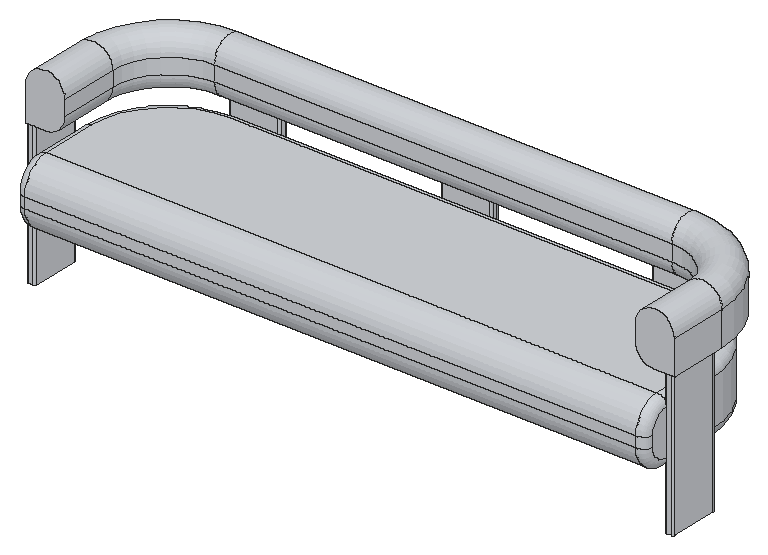
Revit family "Gohome_ClubLounge_3Seat_R19", category Furniture, Revit 2019
Family settings
  OmniClass Number = 23.40.20.00
  OmniClass Title = General Furniture and Specialties
  Work Plane-Based = No
  Always vertical = Yes
  Cut with Voids When Loaded = No
  Shared = No
  Room Calculation Point = No
Parameters (values of type "Club 3 Seat Lounge")
  With Screen = no
  Width = 2400 mm  # constant formula
  URL = "www.gohome.com.au"
  Timber Leg Material = none
  Upholstery Material = none
  Seat Height = 450 mm  # constant formula
  Model = "Club 3 Seat Lounge"
  Manufacturer = "gohome"  # constant formula
  Height = if(With Screen, 1300 mm, 730 mm)  # 730 mm
  Designer = "Ben McCarthy"  # constant formula
  Depth = 630 mm  # constant formula
  Contact = "phone: +61 2 9565 5510 / email: sales@gohome.com.au"  # constant formula
Types (3, lengths in mm): name | With Screen | Model | Height
  (no name) | no | "Club 3 Seat Lounge" | 730
  Club 3 Seat Lounge | no | "Club 3 Seat Lounge" | 730
  Club 3 Seat w/Screen Lounge | yes | "Club 3 Seat w/Screen Lounge" | 1300
Reference planes
  plane 1 "Center (Front/Back)": y = 0
  plane 2: z = 0
  plane 3 "Center (Left/Right)": x = 0
  plane 4: y = 313
  plane 5: y = -317
  plane 6: x = -1058
  plane 7: x = 1058
Forms (mm)
  Extrusion 1, solid, material <- "Timber Leg Material"
    sketch origin (0, 0, 0) x (1, 0, 0) y (0, 1, 0)
      loop
        arc (-1192.5, -35) -> (-1197.803, -37.197) -> (-1200, -42.5) r 7.5
        line (-1200, -42.5) -> (-1200, -217.5)
        arc (-1200, -217.5) -> (-1197.803, -222.803) -> (-1192.5, -225) r 7.5
        line (-1192.5, -225) -> (-1175.5, -225)
        arc (-1175.5, -225) -> (-1170.197, -222.803) -> (-1168, -217.5) r 7.5
        line (-1168, -217.5) -> (-1168, -42.5)
        arc (-1168, -42.5) -> (-1170.197, -37.197) -> (-1175.5, -35) r 7.5
        line (-1175.5, -35) -> (-1192.5, -35)
      loop
        arc (1175.5, -35) -> (1170.197, -37.197) -> (1168, -42.5) r 7.5
        line (1168, -42.5) -> (1168, -217.5)
        arc (1168, -217.5) -> (1170.197, -222.803) -> (1175.5, -225) r 7.5
        line (1175.5, -225) -> (1192.5, -225)
        arc (1192.5, -225) -> (1197.803, -222.803) -> (1200, -217.5) r 7.5
        line (1200, -217.5) -> (1200, -42.5)
        arc (1200, -42.5) -> (1197.803, -37.197) -> (1192.5, -35) r 7.5
        line (1192.5, -35) -> (1175.5, -35)
      loop
        arc (-872.5, 345) -> (-877.803, 342.803) -> (-880, 337.5) r 7.5
        line (-880, 337.5) -> (-880, 320.5)
        arc (-880, 320.5) -> (-877.803, 315.197) -> (-872.5, 313) r 7.5
        line (-872.5, 313) -> (-697.5, 313)
        arc (-697.5, 313) -> (-692.197, 315.197) -> (-690, 320.5) r 7.5
        line (-690, 320.5) -> (-690, 337.5)
        arc (-690, 337.5) -> (-692.197, 342.803) -> (-697.5, 345) r 7.5
        line (-697.5, 345) -> (-872.5, 345)
      loop
        line (872.5, 345) -> (697.5, 345)
        arc (697.5, 345) -> (692.197, 342.803) -> (690, 337.5) r 7.5
        line (690, 337.5) -> (690, 320.5)
        arc (690, 320.5) -> (692.197, 315.197) -> (697.5, 313) r 7.5
        line (697.5, 313) -> (872.5, 313)
        arc (872.5, 313) -> (877.803, 315.197) -> (880, 320.5) r 7.5
        line (880, 320.5) -> (880, 337.5)
        arc (880, 337.5) -> (877.803, 342.803) -> (872.5, 345) r 7.5
      loop
        arc (-87.5, 345) -> (-92.803, 342.803) -> (-95, 337.5) r 7.5
        line (-95, 337.5) -> (-95, 320.5)
        arc (-95, 320.5) -> (-92.803, 315.197) -> (-87.5, 313) r 7.5
        line (-87.5, 313) -> (87.5, 313)
        arc (87.5, 313) -> (92.803, 315.197) -> (95, 320.5) r 7.5
        line (95, 320.5) -> (95, 337.5)
        arc (95, 337.5) -> (92.803, 342.803) -> (87.5, 345) r 7.5
        line (87.5, 345) -> (-87.5, 345)
    from 0 to 530
  Extrusion 2, solid, material <- "Upholstery Material"
    sketch origin (0, 0, 0) x (0, 1, 0) y (0, 0, 1)
      loop
        arc (-217, 415) -> (-262.962, 395.962) -> (-282, 350) r 65
        line (-282, 350) -> (-282, 310)
        arc (-282, 310) -> (-262.962, 264.038) -> (-217, 245) r 65
        line (-217, 245) -> (-217, 415)
    from -1168 to 1168
  Extrusion 3, solid, material <- "Upholstery Material"
    sketch origin (0, 0, 0) x (1, 0, 0) y (0, 1, 0)
      loop
        line (-1133, -217) -> (1133, -217) -> (1133, -7)
        arc (1133, -7) -> (1049.525, 194.525) -> (848, 278) r 285
        line (848, 278) -> (-848, 278)
        arc (-848, 278) -> (-1049.525, 194.525) -> (-1133, -7) r 285
        line (-1133, -7) -> (-1133, -217)
    from 210 to 450
  Sweep 4, solid, material <- "Upholstery Material"
    path origin (0, 0, 0) x (1, 0, 0) y (0, 1, 0)
      loop
        line (1133, -217) -> (1133, -7)
        arc (1133, -7) -> (1049.525, 194.525) -> (848, 278) r 285
        line (848, 278) -> (-848, 278)
        arc (-848, 278) -> (-1049.525, 194.525) -> (-1133, -7) r 285
        line (-1133, -7) -> (-1133, -217)
    profile origin (1133, -112, 0) x (1, 0, 0) y (0, 0, 1)
      loop
        line (0, 450) -> (0, 210)
        arc (0, 210) -> (24.749, 220.251) -> (35, 245) r 35
        line (35, 245) -> (35, 415)
        arc (35, 415) -> (24.749, 439.749) -> (0, 450) r 35
  Sweep 5, solid, material <- "Upholstery Material"
    path origin (0, 0, 0) x (0, 1, 0) y (0, 0, 1)
      loop
        arc (-217, 415) -> (-262.962, 395.962) -> (-282, 350) r 65
        line (-282, 350) -> (-282, 310)
        arc (-282, 310) -> (-262.962, 264.038) -> (-217, 245) r 65
    profile origin (0, -217, 415) x (0, 0, -1) y (1, 0, 0)
      loop
        line (0, -1168) -> (0, 1168)
        arc (0, 1168) -> (-24.749, 1157.749) -> (-35, 1133) r 35
        line (-35, 1133) -> (-35, -1133)
        arc (-35, -1133) -> (-24.749, -1157.749) -> (0, -1168) r 35
  Sweep 6, solid, material <- "Upholstery Material"
    path origin (0, 0, 0) x (1, 0, 0) y (0, 1, 0)
      loop
        line (-1058, -225) -> (-1058, -5)
        arc (-1058, -5) -> (-996.492, 143.492) -> (-848, 205) r 210
        line (-848, 205) -> (848, 205)
        arc (848, 205) -> (996.492, 143.492) -> (1058, -5) r 210
        line (1058, -5) -> (1058, -225)
    profile origin (1058, -115, 0) x (1, 0, 0) y (0, 0, 1)
      loop
        line (70, 530) -> (145, 530) -> (145, 657.484)
        arc (145, 657.484) -> (72.5, 729.984) -> (0, 657.484) r 72.5
        line (0, 657.484) -> (0, 600)
        arc (0, 600) -> (20.503, 550.503) -> (70, 530) r 70
  Sweep 7, solid, material <- "Upholstery Material", visible <- "With Screen"
    path origin (0, 0, 0) x (1, 0, 0) y (0, 1, 0)
      loop
        line (1204, -135) -> (1204, -5)
        arc (1204, -5) -> (1099.73, 246.73) -> (848, 351) r 356
        line (848, 351) -> (-848, 351)
        arc (-848, 351) -> (-1099.73, 246.73) -> (-1204, -5) r 356
        line (-1204, -5) -> (-1204, -135)
    profile origin (1204, -70, 0) x (-1, 0, 0) y (0, 0, 1)
      loop
        line (0, 350) -> (0, 1300) -> (-30, 1300) -> (-30, 350) -> (0, 350)
  Extrusion 8, solid, material <- "Upholstery Material", visible <- "With Screen"
    sketch origin (0, 0, 0) x (0, 1, 0) y (0, 0, 1)
      loop
        line (-225, 1210) -> (-225, 440)
        arc (-225, 440) -> (-198.64, 376.36) -> (-135, 350) r 90
        line (-135, 350) -> (-135, 1300)
        arc (-135, 1300) -> (-198.64, 1273.64) -> (-225, 1210) r 90
    from -1234 to -1204
  Extrusion 9, solid, material <- "Upholstery Material", visible <- "With Screen"
    sketch origin (0, 0, 0) x (0, 1, 0) y (0, 0, 1)
      loop
        line (-225, 1210) -> (-225, 440)
        arc (-225, 440) -> (-198.64, 376.36) -> (-135, 350) r 90
        line (-135, 350) -> (-135, 1300)
        arc (-135, 1300) -> (-198.64, 1273.64) -> (-225, 1210) r 90
    from 1204 to 1234
Cuts and joins
  joined: Extrusion 2, Extrusion 3, Sweep 4, Sweep 5
  joined: Sweep 7, Extrusion 8, Extrusion 9
Dimensions and locks
  aligned and locked: level to plane 2
Automatic sketch dimensions
  plane 1 "Center (Front/Back)" to Extrusion 2 sketch curve = 282 mm
  Extrusion 2 sketch curve to Extrusion 2 sketch curve = 65 mm
  level to Extrusion 2 sketch curve = 245 mm
  Extrusion 2 sketch curve to Extrusion 2 sketch curve = 40 mm
  Extrusion 3 sketch curve to plane 3 "Center (Left/Right)" = 1133 mm
  Extrusion 3 sketch curve to plane 3 "Center (Left/Right)" = 848 mm
  plane 3 "Center (Left/Right)" to Extrusion 3 sketch curve = 848 mm
  Extrusion 3 sketch curve to Extrusion 3 sketch curve = 285 mm
  plane 1 "Center (Front/Back)" to Extrusion 3 sketch curve = 217 mm
  Extrusion 3 sketch curve to Extrusion 3 sketch curve = 210 mm
  plane 1 "Center (Front/Back)" to Sweep 4 sketch curve = 7 mm  (x3)
  Sweep 4 sketch curve to plane 3 "Center (Left/Right)" = 848 mm
  plane 3 "Center (Left/Right)" to Sweep 4 sketch curve = 848 mm
  profile plane to Sweep 4 sketch curve = 0 mm
  level to Sweep 4 sketch curve = 415 mm
  Sweep 4 sketch curve to Sweep 4 sketch curve = 35 mm
  Sweep 4 sketch curve to Sweep 4 sketch curve = 205 mm
  Sweep 5 sketch curve to Sweep 5 sketch curve = 65 mm
  level to Sweep 5 sketch curve = 350 mm
  Sweep 5 sketch curve to Sweep 5 sketch curve = 40 mm
  Sweep 5 sketch curve to Sweep 5 sketch curve = 0 mm
  Sweep 5 sketch curve to profile plane = 0 mm
  profile plane to Sweep 5 sketch curve = 35 mm
  Sweep 5 sketch curve to plane 3 "Center (Left/Right)" = 1168 mm
  plane 3 "Center (Left/Right)" to Sweep 5 sketch curve = 1133 mm
  plane 1 "Center (Front/Back)" to Sweep 6 sketch curve = 5 mm  (x2)
  Sweep 6 sketch curve to plane 3 "Center (Left/Right)" = 848 mm
  plane 3 "Center (Left/Right)" to Sweep 6 sketch curve = 848 mm
  profile plane to Sweep 6 sketch curve = 0 mm
  Sweep 6 sketch curve to profile plane = 70 mm
  level to Sweep 6 sketch curve = 530 mm
  Sweep 6 sketch curve to Sweep 6 sketch curve = 57.484 mm
  Sweep 6 sketch curve to Sweep 6 sketch curve = 2.5 mm
  plane 1 "Center (Front/Back)" to Sweep 7 sketch curve = 5 mm  (x2)
  Sweep 7 sketch curve to plane 3 "Center (Left/Right)" = 848 mm
  plane 3 "Center (Left/Right)" to Sweep 7 sketch curve = 848 mm
  level to Sweep 7 sketch curve = 350 mm
  Sweep 7 sketch curve to Sweep 7 sketch curve = 30 mm
  Sweep 7 sketch curve to Sweep 7 sketch curve = 950 mm
  Sweep 7 sketch curve to profile plane = 0 mm
  plane 5 to Sweep 4 sketch curve = 100 mm  (x2)
  plane 5 to Sweep 5 sketch curve = 35 mm
  plane 5 to Sweep 6 sketch curve = 92 mm  (x2)
  plane 5 to Sweep 7 sketch curve = 182 mm  (x2)
  plane 5 to Extrusion 8 sketch curve = 92 mm
  Extrusion 8 sketch curve to Extrusion 8 sketch curve = 90 mm
  level to Extrusion 8 sketch curve = 440 mm
  Extrusion 8 sketch curve to Extrusion 8 sketch curve = 770 mm
  plane 5 to Extrusion 9 sketch curve = 92 mm
  Extrusion 9 sketch curve to Extrusion 9 sketch curve = 90 mm
  level to Extrusion 9 sketch curve = 350 mm
  Extrusion 9 sketch curve to Extrusion 9 sketch curve = 770 mm
  Sweep 4 sketch curve to Sweep 4 sketch curve = 285 mm
  Sweep 6 sketch curve to Sweep 6 sketch curve = 210 mm
  Sweep 7 sketch curve to plane 6 = 146 mm
  Extrusion 1 sketch curve to plane 6 = 142 mm
  Extrusion 1 sketch curve to plane 4 = 0 mm  (x3)
  Extrusion 1 sketch curve to plane 7 = 142 mm
  Extrusion 1 sketch curve to Extrusion 1 sketch curve = 7.5 mm  (x11)
  Extrusion 1 sketch curve to plane 6 = 134.5 mm
  Extrusion 1 sketch curve to Extrusion 1 sketch curve = 17 mm  (x4)
  plane 4 to Extrusion 1 sketch curve = 7.5 mm  (x4)
  plane 6 to Extrusion 1 sketch curve = 178 mm
  Extrusion 1 sketch curve to Extrusion 1 sketch curve = 175 mm  (x2)
  plane 4 to Extrusion 1 sketch curve = 24.5 mm
  Extrusion 1 sketch curve to plane 3 "Center (Left/Right)" = 95 mm
  plane 3 "Center (Left/Right)" to Extrusion 1 sketch curve = 87.5 mm
  Extrusion 1 sketch curve to Extrusion 1 sketch curve = 0 mm
  Extrusion 1 sketch curve to Extrusion 1 sketch curve = 595 mm
  Extrusion 1 sketch curve to plane 7 = 110 mm
  Extrusion 1 sketch curve to plane 7 = 134.5 mm  (x2)
  plane 1 "Center (Front/Back)" to Extrusion 1 sketch curve = 35 mm  (x2)
  plane 5 to Extrusion 1 sketch curve = 99.5 mm  (x2)
